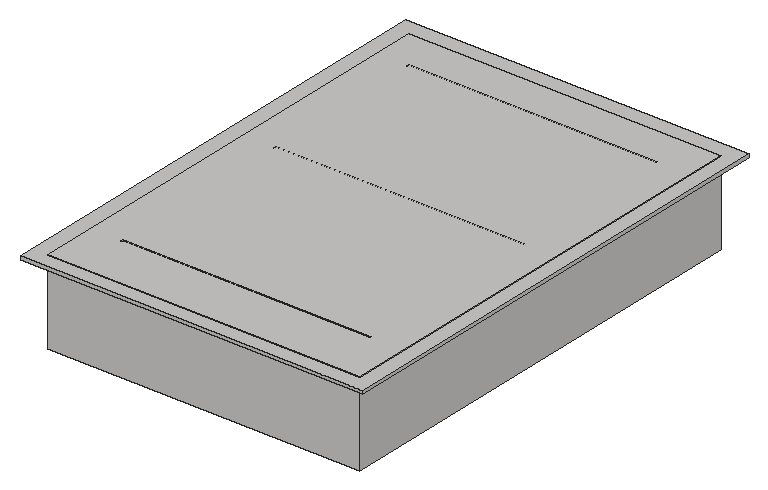
Revit family "VI422611", category Generic Models, Revit 2014
Parameters (values of type "VI422611")
  Width = 380 mm
  URL = "http://www.gaggenau.com."
  Model = "VI422611"
  Manufacturer = "Gaggenau"
  Height = 93 mm
  Unit = Metal Panel
  Description = "Gaggenau Vario 400 series induction cooktop, 1 flex induction zone"
  Depth = 535 mm
Reference planes
  plane 1 "Center (Front/Back)": y = 0
  plane 2: z = 0
  plane 3 "Center (Left/Right)": x = 0
  plane 4: x = -190
  plane 5: x = 190
  plane 6: y = 267.5
  plane 7: y = -267.5
  plane 8: z = 93
  plane 9: z = 90
Forms (mm)
  Extrusion 1, solid, material "Metal Panel" <- "Unit"
    sketch origin (0, 0, 0) x (1, 0, 0) y (0, 1, 0)
      loop
        line (-190, 267.5) -> (-190, -267.5) -> (190, -267.5) -> (190, 267.5) -> (-190, 267.5)
      loop
        line (-138.572, 207.403) -> (-138.572, 204.696) -> (136.428, 204.696) -> (136.428, 207.403) -> (-138.572, 207.403)
      loop
        line (-138.572, 22.403) -> (-138.572, 19.696) -> (136.428, 19.696) -> (136.428, 22.403) -> (-138.572, 22.403)
      loop
        line (-138.572, -192.403) -> (136.428, -192.403) -> (136.428, -189.696) -> (-138.572, -189.696) -> (-138.572, -192.403)
    from 90 to 93
  Extrusion 2, solid, material "Metal Panel" <- "Unit"
    sketch origin (0, 0, 0) x (1, 0, 0) y (0, 1, 0)
      loop
        line (-173, 250.5) -> (-173, -250.5) -> (173, -250.5) -> (173, 250.5) -> (-173, 250.5)
    from 0 to 93
Dimensions and locks
  equal spacing: plane 4, plane 3 "Center (Left/Right)", plane 5
  equal spacing: plane 6, plane 1 "Center (Front/Back)", plane 7
  "Width": plane 4 to plane 5
  "Depth": plane 6 to plane 7
  "Height": plane 8 to plane 2
  plane 8 to plane 9 = 3 mm
  aligned and locked: level to plane 2
Automatic sketch dimensions
  plane 4 to Extrusion 2 sketch curve = 17 mm
  plane 5 to Extrusion 2 sketch curve = 17 mm
  Extrusion 2 sketch curve to plane 7 = 17 mm
  Extrusion 2 sketch curve to plane 6 = 17 mm
  Extrusion 1 sketch curve to plane 4 = 0 mm
  Extrusion 1 sketch curve to plane 5 = 0 mm
  plane 7 to Extrusion 1 sketch curve = 0 mm
  Extrusion 1 sketch curve to plane 6 = 0 mm
  plane 4 to Extrusion 1 sketch curve = 51.428 mm  (x3)
  Extrusion 1 sketch curve to plane 1 "Center (Front/Back)" = 19.696 mm
  plane 5 to Extrusion 1 sketch curve = 53.572 mm  (x3)
  Extrusion 1 sketch curve to plane 1 "Center (Front/Back)" = 22.403 mm
  Extrusion 1 sketch curve to plane 7 = 75.097 mm
  Extrusion 1 sketch curve to Extrusion 1 sketch curve = 2.707 mm  (x2)
  Extrusion 1 sketch curve to plane 6 = 62.804 mm
